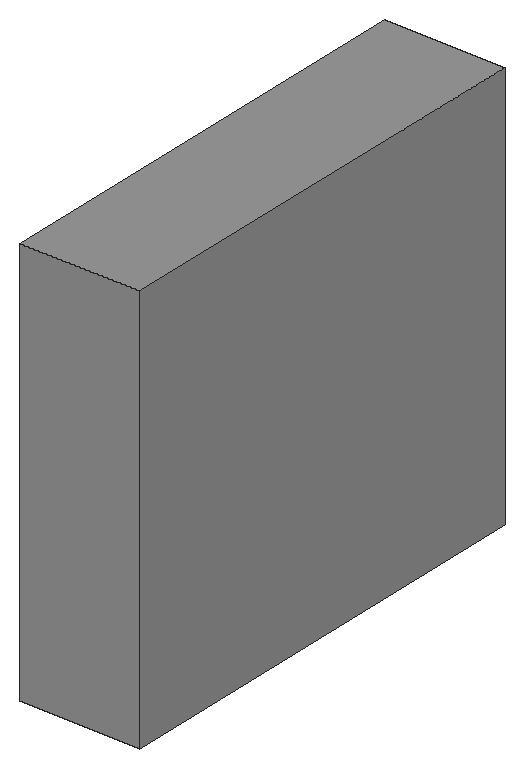
Revit family "PRE050004-FR", category Accessoire de canalisation, Revit 2017
Family settings
  Cote de connecteur circulaire = Utiliser le diamètre
  Type d'élément = Normal
  Basée sur le plan de construction = Non
  Toujours verticalement = Oui
  Couper avec des vides une fois chargée = Non
  Partagée = Non
Parameters (values of type "31815 PRESTO ROBINET TEMPORISE LAVABO PRESTO 612 AVEC BEC TOURNANT")
  Variantes = "31815"
  Garantie = "10"
  URL Fabricant = "http://www.prestodatashare.com/centretelechargement/index.php?lang=FR&refs=31815"
  URL = "http://www.prestodatashare.com/centretelechargement/index.php?lang=FR&refs=31815"
  Lien notice d'utilisation = "http://www.prestodatashare.com/centretelechargement/support.php?lang=FR&ref=31815"
  Lien fiche produit = "http://www.prestodatashare.com/espacedoc/Fiches_Techniques/FR/31815.pdf"
  Reference = "31815"
  Pression = "1 à 5 bars"
  Polantis code = "PRE050004-FR"
  Perte de charge = 0.0 Pa
  Profondeur = 190 mm
  Modèle = "31815 PRESTO ROBINET TEMPORISE LAVABO PRESTO 612 AVEC BEC TOURNANT"
  Matériau = Laiton poli chromé
  Lien CCTP = "http://www.prestodatashare.com/centretelechargement/index.php?lang=FR&refs=31815"
  Largeur = 50 mm
  HC = 25 mm
  Hauteur = 171 mm
  Fonction = "Pression d'utilisation recommandée :\r\n- 1 à 5 bars\r\n\r\nDébit :\r\n- 3 l/mn à 3 bars - Réglage 4 positions\r\n- Dispositif anti-coup de bélier\r\n\r\nDurée d'écoulement :\r\n- 15 secondes ± 5 secondes\r\n\r\nAlimentation hydraulique :\r\n- Mâle G 1/2\" (15x21) en eau froide\r\n\r\nRésistance thermique :\r\n- Ce robinet résiste à une température de 75°C durant 30 minutes dans\r\n  le cadre de chocs thermiques\r\n\r\nSécurité :\r\n- Tête interchangeable et bouton non tournant évitant tout risque\r\n  d'usure prématurée\r\n- Repère par point de couleur inusable et indémontable\r\n\r\nLivré avec :\r\n- Notice de pose\r\n\r\nNormes / Agréments :\r\n- Classe acoustique II\r\n- Corps en laiton chromé conforme aux normes NF EN1982 / NF EN12164 /\r\n  NF EN12165\r\n- Traitement de surface Nickel-Chrome selon NF EN12540\r\n- Résistance au brouillard salin neutre (NSS) : 200 h selon NF ISO 9227"
  Flux = 0.05 L/s
  Finition = "Corps en laiton avec finition chromée"
  Fabricant = "LES ROBINETS PRESTO S.A."
  Diamètre Nominal = 15 mm
  Description = "Robinet simple temporisé mural (NF) avec bec tournant, alimentation en eau froide. De type Presto 612 réf. 31815 ou techniquement équivalent. Avec mécanisme à rubis auto nettoyé par fil frein, débit préréglé à 3 l/mn. Réglage de débit interne."
  Debit = "3 l/min à 3 bars, réglage 4 positions\r\r\nDispositif anti-coup de bélier"
  Raccordement = "Mâle G 1/2\" (15x21) en eau froide"
  Adresse = "7, RUE RACINE - 92542 MONTROUGE CEDEX FRANCE"
Reference planes
  plane 1 "Centre (avant/arrière)": y = 0
  plane 2: z = 0
  plane 3 "Centre (gauche/droite)": x = 0
  plane 4: y = -190
  plane 5: x = 50
  plane 6: z = 171
  plane 7: x = 25
  plane 8: z = 146
  plane 9: y = -25.5
  plane 10: z = 1
  plane 11: y = -1
Forms (mm)
  Extrusion 1, solid, material "Laiton poli chromé" <- "Matériau", detail levels fine
    sketch origin (0, 0, 0) x (1, 0, 0) y (0, 1, 0)
      loop
        line (0, 0) -> (0, -190) -> (50, -190) -> (50, 0) -> (0, 0)
    from 0 to 171
  Extrusion 2, solid, material "Laiton poli chromé" <- "Matériau", detail levels fine
    sketch origin (0, 0, 0) x (1, 0, 0) y (0, 0, 1)
      loop
        circle (25, 146) r 14
    from 0 to 1
Cuts and joins
  joined: Extrusion 1, Extrusion 2
Dimensions and locks
  "Profondeur": plane 1 "Centre (avant/arrière)" to plane 4
  "Largeur": plane 3 "Centre (gauche/droite)" to plane 5
  "Hauteur": plane 6 to level
  equal spacing: plane 3 "Centre (gauche/droite)", plane 7, plane 5
  "HC": plane 6 to plane 8
  plane 1 "Centre (avant/arrière)" to plane 9 = 25.5 mm
  locked: plane 10 to plane 2 at 1
  locked: plane 1 "Centre (avant/arrière)" to plane 11 at 1
  diameter of Extrusion 2 sketch curve = 28 mm
  aligned and locked: level to plane 2
  aligned and locked: plane 1 "Centre (avant/arrière)" to Extrusion 1 sketch curve
  aligned and locked: plane 3 "Centre (gauche/droite)" to Extrusion 1 sketch curve
  aligned and locked: plane 4 to Extrusion 1 sketch curve
  aligned and locked: plane 5 to Extrusion 1 sketch curve
  aligned and locked: plane 6 to Extrusion 1
  aligned and locked: Extrusion 2 to plane 11
  aligned and locked: Extrusion 2 to plane 1 "Centre (avant/arrière)"
  aligned and locked: plane 7 to nested 1
  aligned and locked: nested 1 to plane 11
  aligned and locked: plane 8 to nested 1
  aligned and locked: plane 7 to nested 2
  aligned and locked: nested 2 to plane 4
Automatic sketch dimensions
  plane 7 to Extrusion 2 sketch curve = 0 mm
  Extrusion 2 sketch curve to plane 8 = 0 mm
Nested families
  nested 1: "Symbolique" at (0, -96, 60.5) x (0, 1, 0) z (0, 0, 1), type "Symbolique", detail levels coarse+medium
  nested 2: "S2D" at (50, -95, 0) x (0, 1, 0) z (0, 0, 1), type "S2D", detail levels coarse+medium
Connectors
  piping at (25, 0, 146), diameter 15, driven by "Flux", driven by "Perte de charge", driven by "Diamètre Nominal"
    settings: on Extrusion 2, index 2, connector inside diameter 609.6 mm, connector length 0 mm, flow factor 0, pipe flow 0.05 L/s, pressure drop 0.0 Pa, fitting loss kfactor 0, connector angle 0.00°, fixture units 0, engagement length 0 mm, angle of deflection 0.00°, flow configuration 0, flow direction 1, fitting loss method 4, system type 22, joint type 0, gender type 0, connector reference index -1, connector utility 0, adjustable connector no, is connector primary yes, connector description ""
Definition of nested family "Symbolique"
  Parameters (values of type "Symbolique")
    V = yes
    P = 1000 mm
    L = 1000 mm
    H = 1000 mm
  Reference planes
    plane 1 "Centre (avant/arrière)": y = 0
    plane 2: z = 0
    plane 3 "Centre (gauche/droite)": x = 0
    plane 4: y = -1000
    plane 5: x = -500
    plane 6: x = 500
    plane 7: z = 1000
    plane 8: z = 500
    plane 9: y = -500
  Lines and regions (mm)
    model lines, visible <- "V"
      curve 1: line (-500, -1000, 500) -> (-500, 0, 500)
      curve 2: line (500, -1000, 500) -> (500, 0, 500)
      curve 3: line (500, 0, 500) -> (-500, -1000, 500)
      curve 4: line (-500, 0, 500) -> (500, -1000, 500)
  Dimensions and locks
    "H": plane 7 to plane 2
    equal spacing: plane 5, plane 3 "Centre (gauche/droite)", plane 6
    "L": plane 5 to plane 6
    equal spacing: plane 7, plane 8, level
    equal spacing: plane 4, plane 9, plane 1 "Centre (avant/arrière)"
    "P": plane 1 "Centre (avant/arrière)" to plane 4
    aligned and locked: level to plane 2
  Automatic sketch dimensions
    plane 1 "Centre (avant/arrière)" to curve 3 = 0 mm
    curve 3 to plane 6 = 0 mm
    curve 3 to plane 4 = 0 mm
    curve 3 to plane 5 = 0 mm
    plane 1 "Centre (avant/arrière)" to curve 1 = 0 mm
    curve 2 to plane 4 = 0 mm
Definition of nested family "S2D"
  Parameters (values of type "S2D")
    P = 788.322 mm
    L = 1600 mm
    H = 1250.021 mm
  Reference planes
    plane 1 "Centre (avant/arrière)": y = 0
    plane 2: z = 0
    plane 3 "Centre (gauche/droite)": x = 0
    plane 4: y = 788.322
    plane 5: x = -800
    plane 6: x = 800
    plane 7: y = 394.161
    plane 8: z = 1250.021
    plane 9: z = 625.01
  Lines and regions (mm)
    symbolic lines
      curve 1: line (-800, 788.322, 0) -> (800, 0, 0)
      curve 2: line (800, 0, 0) -> (800, 788.322, 0)
      curve 3: line (800, 788.322, 0) -> (-800, 0, 0)
      curve 4: line (-800, 0, 0) -> (-800, 788.322, 0)
      curve 5: line (-800, 0, 0) -> (-800, 0, 1250.021)
      curve 6: line (-800, 0, 1250.021) -> (800, 0, 0)
      curve 7: line (800, 0, 0) -> (800, 0, 1250.021)
      curve 8: line (800, 0, 1250.021) -> (-800, 0, 0)
      curve 9: line (0, 0, 1250.021) -> (0, 0, 0)
      curve 10: line (0, 0, 0) -> (0, 788.322, 1250.021)
      curve 11: line (0, 788.322, 1250.021) -> (0, 788.322, 0)
      curve 12: line (0, 788.322, 0) -> (0, 0, 1250.021)
  Dimensions and locks
    equal spacing: plane 5, plane 3 "Centre (gauche/droite)", plane 6
    equal spacing: plane 1 "Centre (avant/arrière)", plane 7, plane 4
    "P": plane 1 "Centre (avant/arrière)" to plane 4
    "L": plane 5 to plane 6
    equal spacing: plane 8, plane 9, level
    "H": plane 8 to plane 2
    aligned and locked: level to plane 2
  Automatic sketch dimensions
    plane 1 "Centre (avant/arrière)" to curve 3 = 0 mm
    curve 1 to plane 4 = 0 mm
    curve 3 to plane 4 = 0 mm
    plane 1 "Centre (avant/arrière)" to curve 2 = 0 mm
    curve 3 to plane 6 = 0 mm
    curve 4 to plane 5 = 0 mm
    plane 5 to curve 5 = 0 mm
    curve 8 to level = 0 mm
    plane 6 to curve 8 = 0 mm
    curve 7 to level = 0 mm
    curve 8 to plane 8 = 0 mm
    curve 5 to plane 8 = 0 mm
    curve 11 to level = 0 mm
    curve 11 to plane 8 = 0 mm
    curve 9 to plane 8 = 0 mm
    curve 9 to plane 1 "Centre (avant/arrière)" = 0 mm
    curve 9 to level = 0 mm
    curve 11 to plane 4 = 0 mm
